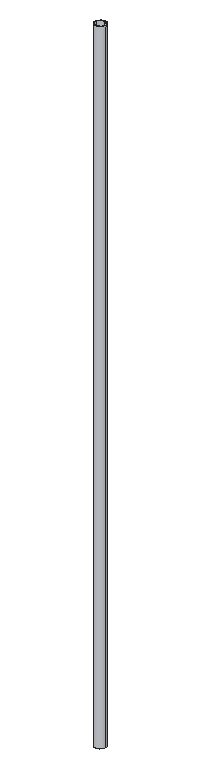
Revit family "Distanzrohr VA", category HLS-Bauteile, Revit 2017
Family settings
  Bemaßung runder Anschluss = Durchmesser verwenden
  Teiletyp = Normal
  Arbeitsebenenbasiert = Nein
  Immer vertikal = Nein
  Beim Laden mit Abzugskörper schneiden = Nein
  Gemeinsam genutzt = Ja
  Raumberechnungspunkt = Nein
Parameters
  vpe = "10 m"
  Regelhalter [instance] = ""
  Montagelänge = 2000 mm
  Mengeneinheit = "m"
  Material = "Edelstahl"
  Länge = 2000 mm
  Kurztext2 = "Länge 2000 mm"
  Kurztext1 = "Distanzrohr 1\" V4A"
  Gewinde = "1''"
  Gewicht pro Stück = (Gewicht * Montagelänge / (1000 mm * 1000)) * 1000  # 4.594 kg
  Gewicht pro Bauteil = Gewicht pro Stück  # 4.594 kg
  Gewicht = 2.297 kg
  Festigkeitsklasse = ""
  Fabrikat = "MEFA"
  EAN = "4250928416995"
  D0 = 27.2 mm
  D = 33.3 mm
  Artikelnummer = "0737004A4"
Types (3, lengths in mm): name | vpe | Kurztext1 | Gewinde | Gewicht pro Stück | Gewicht pro Bauteil | Gewicht | EAN | D0 | D | Artikelnummer
  (no name) | "10 m" | "Distanzrohr 1\" V4A" | "1''" | 4.594 kg | 4.594 kg | 2.297 kg | "4250928416995" | 27.2 | 33.3 | "0737004A4"
  Distanzrohr 1/2" L=2000, V4A | "20 m" | "Distanzrohr 1/2\" V4A" | "1/2''" | 2.30 kg | 2.30 kg | 1.15 kg | "4250928416964" | 16 | 21 | "0737002A4"
  Distanzrohr 1" L=2000, V4A | "10 m" | "Distanzrohr 1\" V4A" | "1''" | 4.594 kg | 4.594 kg | 2.297 kg | "4250928416995" | 27.2 | 33.3 | "0737004A4"
Reference planes
  plane 1 "Mitte (Vorne/hinten)": y = 0
  plane 2: z = 0
  plane 3 "Mitte (Links/rechts)": x = 0
  plane 4: z = 2000
Forms (mm)
  Extrusion 1, solid
    sketch origin (0, 0, 0) x (1, 0, 0) y (0, 1, 0)
      loop
        circle (0, 0) r 16.65
    from 0 to 2000
  Extrusion 2, void
    sketch origin (0, 0, 0) x (1, 0, 0) y (0, 1, 0)
      loop
        circle (0, 0) r 13.6
    from 0 to 2000
Cuts and joins
  Extrusion 2 cuts Extrusion 1
Lines and regions (mm)
  model lines, not visible
    curve 1: line (25, 0, 2000) -> (-25, 0, 2000)
    curve 2: line (0, 25, 2000) -> (0, -25, 2000)
    curve 3: line (0, 25, 0) -> (0, -25, 0)
    curve 4: line (25, 0, 0) -> (-25, 0, 0)
    curve 5: line (0, 0, 2050.037) -> (0, 0, -49.963)
Dimensions and locks
  "Montagelänge": level to plane 4
  "D": diameter of Extrusion 1 sketch curve
  "D0": diameter of Extrusion 2 sketch curve
  aligned and locked: level to plane 2
  aligned and locked: Extrusion 1 to level
  aligned and locked: Extrusion 1 to curve 1
  aligned and locked: plane 4 to Extrusion 1
  aligned and locked: curve 2 to plane 4
  aligned and locked: curve 4 to level
  aligned and locked: plane 3 "Mitte (Links/rechts)" to curve 5
  aligned and locked: curve 5 to plane 1 "Mitte (Vorne/hinten)"
  aligned and locked: Extrusion 1 to Extrusion 2
  aligned and locked: Extrusion 2 to level
Automatic sketch dimensions
  plane 1 "Mitte (Vorne/hinten)" to curve 2 = 25 mm
  plane 1 "Mitte (Vorne/hinten)" to curve 3 = 25 mm
  curve 3 to plane 1 "Mitte (Vorne/hinten)" = 25 mm
  curve 2 to plane 1 "Mitte (Vorne/hinten)" = 25 mm
  curve 4 to plane 3 "Mitte (Links/rechts)" = 25 mm
  curve 1 to plane 3 "Mitte (Links/rechts)" = 25 mm
  plane 3 "Mitte (Links/rechts)" to curve 4 = 25 mm
  plane 3 "Mitte (Links/rechts)" to curve 1 = 25 mm
  curve 5 to level = 49.963 mm
  plane 4 to curve 5 = 50.037 mm
  plane 1 "Mitte (Vorne/hinten)" to Extrusion 1 sketch curve = 0 mm
  Extrusion 1 sketch curve to plane 3 "Mitte (Links/rechts)" = 0 mm
  plane 1 "Mitte (Vorne/hinten)" to Extrusion 2 sketch curve = 0 mm
  Extrusion 2 sketch curve to plane 3 "Mitte (Links/rechts)" = 0 mm
  curve 3 to level = 0 mm
